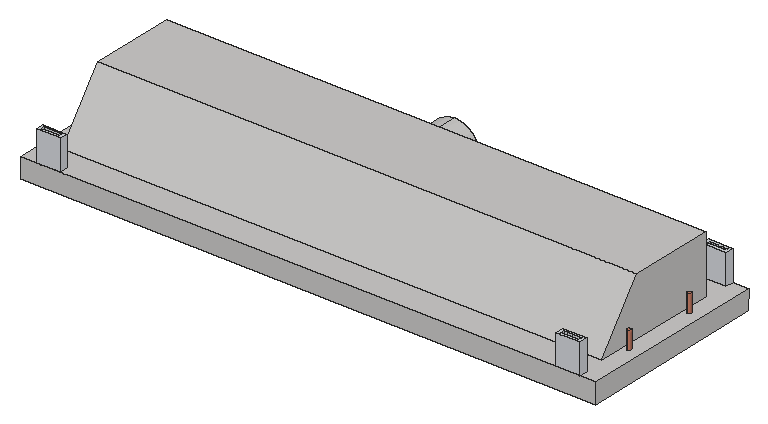
Revit family "HVAC-Chilled_Beam-Dadanco-ACB40", category Mechanical Equipment, Revit 2018
Family settings
  Round Connector Dimension = Use Diameter
  Part Type = Normal
  OmniClass Number = 23.75.70.17.31
  OmniClass Title = Induction Units
  Work Plane-Based = No
  Always vertical = Yes
  Cut with Voids When Loaded = No
  Shared = No
  Room Calculation Point = No
Parameters (values of type "6' Nominal Length")
  Zone Name [instance] = ""
  Zone ID [instance] = ""
  Unit Width = 1' - 11 3/4"  # constant formula
  Unit Weight = if(Nominal Unit Length = 2' 0", "29 lb", if(Nominal Unit Length = 4' 0", "58 lb", if(Nominal Unit Length = 6' 0", "88 lb", if(Nominal Unit Length = 8' 0", "117 lb", if(Nominal Unit Length = 10' 0", "147 lb", "0 lb")))))  # "88 lb"
  Unit Tag [instance] = ""
  Unit Height = 0' - 9 3/4"  # constant formula
  Total Cooling Capacity = 0.0 Btu/h
  Supply Air = 0 CFM
  Sound Level dBA = ""
  Sound Level NC = ""
  Secondary Air Sensible Heating = 0.0 Btu/h
  Secondary Air Sensible Cooling = 0.0 Btu/h
  SHHW Temperature = 0 °F
  SHHW Pressure Drop [instance] = HWPD  # 0 Pa
  SHHW Flow [instance] = HWF  # 0 GPM
  SCHW Temperature = 0 °F
  SCHW Pressure Drop [instance] = CWPD  # 0 Pa
  SCHW Flow [instance] = CWF  # 0 GPM
  Primary Air Static Pressure [instance] = PASP  # 0.00 in-wg
  Primary Air Inlet Top [instance] = not(Primary Air Inlet Back)  # no
  Primary Air Inlet Size = 0' - 6"
  Primary Air Inlet Back [instance] = yes
  Primary Air Flow Rate [instance] = PA  # 0 CFM
  PASP = 0.00 in-wg
  PA = 0 CFM
  Origin1 = Nominal Unit Length / 2  # 3' - 0"
  Nozzle Configuration = ""
  Nominal Unit Length = 6' - 0"
  Net Unit Heating Sensible = 0.0 Btu/h
  Net Unit Cooling Sensible = 0.0 Btu/h
  Unit Length = Nominal Unit Length - 0' 0 1/4"  # 5' - 11 3/4"
  URL = "http://www.dadanco.com/"
  Type Comments = "2-way Discharge Horizontal Coil"
  SHHW Temp Out = 0 °F
  SCHW Temp Out = 0 °F
  Product Page URL = ""
  Latent Cooling = 0.0 Btu/h
  Keynote = "23 37 00.A1"
  Heating Supply Air Temperature = 0 °F
  Heating Room Dry Bulb = 0 °F
  Heating Primary Air Dry Bulb = 0 °F
  HWPD = 0 Pa
  HWF = 0 GPM
  Front Back Air Inlet [instance] = or(Primary Air Inlet Top, Primary Air Inlet Back)  # yes
  Pipe Material = Metal-Dadanco-Copper-Satin
  Pipe Coil Outlet = "2 Pipe Coi, 0.5 inch SWT Stub Coil Connection"
  Pipe Coil Inlet = "2 Pipe Coi, 0.5 inch SWT Stub Coil Connection"
  Documentation Link = ""
  Cooling Supply Air Temperature = 0 °F
  Cooling Room Relative Humidity = 0
  Cooling Room Dry Bulb = 0 °F
  Cooling Primary Air Wet Bulb = 0 °F
  Cooling Primary Air Dry Bulb = 0 °F
  Coil Connection Right [instance] = yes
  Coil Connection Left [instance] = not(Coil Connection Right)  # no
  Revision Date = "06/24/2020"  # constant formula
  Coil Length = if(Nominal Unit Length = 2' 0", 2' 0", if(Nominal Unit Length = 4' 0", 3' 4", if(Nominal Unit Length = 6' 0", 5' 4", 0' 0")))  # 5' - 4"
  Model = "ACB40"  # constant formula
  Manufacturer = "Dadanco"  # constant formula
  Housing Material = Metal-Dadanco-Steel-Galvanized
  Description = "Active Chilled Beam"  # constant formula
  CWPD = 0 Pa
  CWF = 0 GPM
  4 Pipe Coil Configuration Right [instance] = and([4 Pipe Coil Configuration], Coil Connection Right)  # no
  4 Pipe Coil Configuration Left [instance] = and([4 Pipe Coil Configuration], Coil Connection Left)  # no
  4 Pipe Coil Configuration = if([2 or 4 pipe] = 4, 1 = 1, 1 = 0)  # no
  2 or 4 pipe = 2
  2 Pipe Coil Configuration = if([2 or 4 pipe] = 2, 1 = 1, 1 = 0)  # yes
  Assembly Code = "D3040100"
Types (6): name | Unit Weight | Primary Air Inlet Top | Primary Air Inlet Back | Origin1 | Nominal Unit Length | Unit Length | Product Page URL | Documentation Link | Coil Length
  (no name) | "88 lb" | no | yes | 3' - 0" | 6' - 0" | 5' - 11 3/4" | "" | "" | 5' - 4"
  4' Nominal Length | "58 lb" | yes | no | 2' - 0" | 4' - 0" | 3' - 11 3/4" | "http://www.activechilledbeam.com/efficient_air_conditioning.asp" | "http://www.dadanco.com/ACB/air_conditioning_literature.asp?productLineID=30" | 3' - 4"
  2' Nominal Length | "29 lb" | yes | no | 1' - 0" | 2' - 0" | 1' - 11 3/4" | "http://www.activechilledbeam.com/efficient_air_conditioning.asp" | "http://www.dadanco.com/ACB/air_conditioning_literature.asp?productLineID=30" | 2' - 0"
  6' Nominal Length | "88 lb" | no | yes | 3' - 0" | 6' - 0" | 5' - 11 3/4" | "" | "" | 5' - 4"
  8' Nominal Length | "117 lb" | no | yes | 4' - 0" | 8' - 0" | 7' - 11 3/4" | "http://www.activechilledbeam.com/efficient_air_conditioning.asp" | "http://www.dadanco.com/ACB/air_conditioning_literature.asp?productLineID=30" | 0' - 0"
  10' Nominal Length | "147 lb" | no | yes | 5' - 0" | 10' - 0" | 9' - 11 3/4" | "http://www.activechilledbeam.com/efficient_air_conditioning.asp" | "http://www.dadanco.com/ACB/air_conditioning_literature.asp?productLineID=30" | 0' - 0"
Reference planes (in)
  plane 1 "Center (Front/Back)": y = 0.99087
  plane 2 "Top Face of Plenum": z = 9.75
  plane 3 "Center (Left/Right)": x = 0.55581
  plane 4 "Right End": x = 36.43081
  plane 5 "Bottom Face": z = 0
  plane 6 "Left End": x = -35.31919
  plane 7 "brkt_LH": x = -33.35519
  plane 8 "Brkt_RH": x = 34.46681
  plane 9 "CHW_Back": y = 5.69087
  plane 10 "HW_Back_D": y = 2.57087
  plane 11 "HW_FRT_D": y = -1.18913
  plane 12 "CHW_FR": y = -3.69613
  plane 13 "Back_end": y = 12.86587
  plane 14 "Front End": y = -10.88413
  plane 15 "Endpl_H": z = 2.54
  plane 16 "Sidedct_H": z = 6.35
  plane 17 "topdct_ctr": y = 3.12087
  plane 18 "HW_frt_C": y = -0.58913
  plane 19 "HW_back_C": y = 3.17087
Forms (in)
  Extrusion 1, solid, material "Metal-Dadanco-Steel-Galvanized" <- "Housing Material"
    sketch origin (0.55581, 0, -0.011) x (0, 1, 0) y (0, 0, 1)
      loop
        line (-7.13413, 2.511) -> (-10.88413, 2.511) -> (-10.88413, 0) -> (12.86587, 0) -> (12.86587, 2.511) -> (9.11587, 2.511) -> (9.11587, 9.761) -> (-1.63413, 9.761) -> (-7.13413, 2.511)
    from -35.875 to 35.875
  Extrusion 2, solid, material "Metal-Dadanco-Steel-Galvanized", visible <- "Primary Air Inlet Back"
    sketch origin (0.55581, 9.11587, 2.64536) x (0, 0, 1) y (1, 0, 0)
      loop
        circle (3.719, 0) r 3
    from 0 to 2.83
  Extrusion 3, void
    sketch origin (36.43081, 0, -0.011) x (0, -1, 0) y (0, 0, 1)
      loop
        line (7.13413, 9.761) -> (-9.11587, 9.761) -> (-9.11587, 2.511) -> (7.13413, 2.511) -> (7.13413, 9.761)
    from 0 to 2.27344
  Extrusion 4, void
    sketch origin (-35.31919, 0, -0.011) x (0, 1, 0) y (0, 0, 1)
      loop
        line (9.11587, 9.761) -> (-7.05429, 9.761) -> (-7.05429, 2.511) -> (9.11587, 2.511) -> (9.11587, 9.761)
    from 0 to 2.27344
  Extrusion 5, solid, material "Metal-Dadanco-Copper-Satin" <- "Pipe Material", visible <- "Coil Connection Left", detail levels medium+fine
    sketch origin (0.20581, 13.29045, 2.511) x (0, -1, 0) y (1, 0, 0)
      loop
        circle (7.6084, -33.911) r 0.25
    from 0 to 2.14844
  Extrusion 6, solid, material "Metal-Dadanco-Copper-Satin" <- "Pipe Material", visible <- "4 Pipe Coil Configuration Left", detail levels medium+fine
    sketch origin (0.20581, 13.28985, 2.5) x (0, -1, 0) y (1, 0, 0)
      loop
        circle (10.7284, -33.911) r 0.25
    from 0 to 2.14844
  Extrusion 7, solid, material "Metal-Dadanco-Copper-Satin" <- "Pipe Material", visible <- "4 Pipe Coil Configuration Left", detail levels medium+fine
    sketch origin (0.20581, 13.30428, 2.5) x (0, -1, 0) y (1, 0, 0)
      loop
        circle (14.4884, -33.911) r 0.25
    from 0 to 2.14844
  Extrusion 8, solid, material "Metal-Dadanco-Copper-Satin" <- "Pipe Material", visible <- "Coil Connection Left", detail levels medium+fine
    sketch origin (0.20581, 13.28785, 2.5) x (0, -1, 0) y (1, 0, 0)
      loop
        circle (16.9954, -33.911) r 0.25
    from 0 to 2.14844
  Extrusion 9, solid, material "Metal-Dadanco-Copper-Satin" <- "Pipe Material", visible <- "Coil Connection Right", detail levels medium+fine
    sketch origin (0.93081, 13.1967, 2.5) x (0, -1, 0) y (1, 0, 0)
      loop
        circle (7.51567, 33.88652) r 0.25
    from 0 to 2.14844
  Extrusion 10, solid, material "Metal-Dadanco-Copper-Satin" <- "Pipe Material", visible <- "4 Pipe Coil Configuration Right", detail levels medium+fine
    sketch origin (0.90581, 13.90683, 2.5) x (0, -1, 0) y (1, 0, 0)
      loop
        circle (10.7284, 33.911) r 0.25
    from 0 to 2.14844
  Extrusion 11, solid, material "Metal-Dadanco-Copper-Satin" <- "Pipe Material", visible <- "4 Pipe Coil Configuration Right", detail levels medium+fine
    sketch origin (0.90581, 13.90784, 2.5) x (0, -1, 0) y (1, 0, 0)
      loop
        circle (14.4884, 33.911) r 0.25
    from 0 to 2.14844
  Extrusion 12, solid, material "Metal-Dadanco-Copper-Satin" <- "Pipe Material", visible <- "Coil Connection Right", detail levels medium+fine
    sketch origin (0.90581, 13.29285, 2.5) x (0, -1, 0) y (1, 0, 0)
      loop
        circle (16.9954, 33.911) r 0.25
    from 0 to 2.14844
  Extrusion 13, solid, material "Metal-Dadanco-Steel-Galvanized", visible <- "Primary Air Inlet Top"
    sketch origin (0.55581, 11.46852, 9.75) x (0, -1, 0) y (1, 0, 0)
      loop
        circle (8.3446, 0) r 3
    from 0 to 3.30078
  Extrusion 14, solid
    sketch origin (0.55581, -10.85413, 2.5) x (0, 1, 0) y (-1, 0, 0)
      loop
        line (0, 33.875) -> (0, 30.875) -> (1, 30.875) -> (1, 33.875) -> (0, 33.875)
    from 0 to 3.76953
  Extrusion 15, void
    sketch origin (0.63529, -10.85993, 6.26953) x (-1, 0, 0) y (0, 1, 0)
      loop
        line (33.57948, 0.7258) -> (31.32948, 0.7258) -> (31.32948, 0.2858) -> (33.57948, 0.2858) -> (33.57948, 0.7258)
    from 0 to 3.76953
  Extrusion 16, solid
    sketch origin (113.55581, 12.00994, 2.5) x (0, 1, 0) y (-1, 0, 0)
      loop
        line (-0.125, 82.125) -> (-0.125, 79.125) -> (0.875, 79.125) -> (0.875, 82.125) -> (-0.125, 82.125)
    from 0 to 3.76953
  Extrusion 17, void
    sketch origin (113.63529, 12.00414, 6.26953) x (-1, 0, 0) y (0, 1, 0)
      loop
        line (81.82948, 0.6008) -> (79.57948, 0.6008) -> (79.57948, 0.1608) -> (81.82948, 0.1608) -> (81.82948, 0.6008)
    from 0 to 3.76953
  Extrusion 18, solid
    sketch origin (113.55581, -10.85413, 2.5) x (0, 1, 0) y (-1, 0, 0)
      loop
        line (0, 82.125) -> (0, 79.125) -> (1, 79.125) -> (1, 82.125) -> (0, 82.125)
    from 0 to 3.76953
  Extrusion 19, void
    sketch origin (113.63529, -10.85993, 6.26953) x (-1, 0, 0) y (0, 1, 0)
      loop
        line (81.82948, 0.7258) -> (79.57948, 0.7258) -> (79.57948, 0.2858) -> (81.82948, 0.2858) -> (81.82948, 0.7258)
    from 0 to 3.76953
  Extrusion 20, solid
    sketch origin (0.55581, 11.99423, 2.5) x (0, 1, 0) y (-1, 0, 0)
      loop
        line (-0.125, 33.875) -> (-0.125, 30.875) -> (0.875, 30.875) -> (0.875, 33.875) -> (-0.125, 33.875)
    from 0 to 3.76953
  Extrusion 21, void
    sketch origin (0.63529, 12.01924, 6.26953) x (-1, 0, 0) y (0, 1, 0)
      loop
        line (33.57948, 0.6008) -> (31.32948, 0.6008) -> (31.32948, 0.1608) -> (33.57948, 0.1608) -> (33.57948, 0.6008)
    from 0 to 3.76953
Cuts and joins
  Extrusion 3, Extrusion 4, Extrusion 17, Extrusion 19, Extrusion 21 cuts Extrusion 1
  Extrusion 15, Extrusion 19, Extrusion 21 cuts Extrusion 14
  Extrusion 17 cuts Extrusion 16
  Extrusion 19 cuts Extrusion 18
  Extrusion 21 cuts Extrusion 20
Lines and regions (in)
  model lines, detail levels medium+fine
    curve 1: line (-35.31919, -5.13663, 0) -> (36.43081, -5.13663, 0)
    curve 2: line (-35.31919, 7.25637, 0) -> (36.43081, 7.25637, 0)
  symbolic lines, not visible, detail levels medium+fine
    curve 3: arc (0.43081, -5.48123, 7.73) -> (0.55581, -5.48123, 7.855) -> (0.68081, -5.48123, 7.73) r 0.125
    curve 4: arc (0.68081, -5.48123, 7.73) -> (0.55581, -5.48123, 7.605) -> (0.43081, -5.48123, 7.73) r 0.125
  symbolic lines, detail levels fine
    curve 5: line (-35.31919, 8.18979, 4.13) -> (36.43081, 8.18979, 4.13)
    curve 6: line (-35.31919, -6.07005, 4.13) -> (36.43081, -6.07005, 4.13)
  symbolic lines, detail levels medium+fine
    curve 7: line (-35.31919, 12.86587, 0) -> (-35.31919, -10.88413, 0)
    curve 8: line (-35.31919, -10.88413, 0) -> (36.43081, -10.88413, 0)
    curve 9: line (36.43081, -10.88413, 0) -> (36.43081, 12.86587, 0)
    curve 10: line (36.43081, 12.86587, 0) -> (-35.31919, 12.86587, 0)
Dimensions and locks (in)
  equal spacing: plane 6 "Left End", plane 3 "Center (Left/Right)", plane 4 "Right End"
  "Unit Length": plane 6 "Left End" to plane 4 "Right End"
  "Unit Height": plane 2 "Top Face of Plenum" to plane 5 "Bottom Face"
  Extrusion 2 to Extrusion 2 = 0' - 2.83"
  locked: plane 3 "Center (Left/Right)" to Extrusion 2 sketch curve at 0
  plane 1 "Center (Front/Back)" to plane 9 "CHW_Back" = 0' - 4.7"
  plane 1 "Center (Front/Back)" to plane 10 "HW_Back_D" = 0' - 1.58"
  plane 11 "HW_FRT_D" to plane 1 "Center (Front/Back)" = 0' - 2.18"
  locked: plane 12 "CHW_FR" to plane 1 "Center (Front/Back)" at 4.687
  locked: plane 6 "Left End" to plane 7 "brkt_LH" at 1.964
  locked: plane 8 "Brkt_RH" to plane 4 "Right End" at 1.964
  plane 1 "Center (Front/Back)" to Extrusion 13 sketch curve = 0' - 2.13306"
  locked: Extrusion 13 sketch curve to plane 3 "Center (Left/Right)" at 0
  plane 14 "Front End" to plane 13 "Back_end" = 1' - 11 3/4"
  plane 1 "Center (Front/Back)" to plane 11 "HW_FRT_D" to plane 12 "CHW_FR" = 0' - 2.18", 0' - 2.507"
  locked: plane 1 "Center (Front/Back)" to plane 10 "HW_Back_D" at 1.58
  locked: plane 9 "CHW_Back" to plane 1 "Center (Front/Back)" at 4.7
  plane 1 "Center (Front/Back)" to plane 12 "CHW_FR" = 0' - 4.687"
  equal spacing: plane 13 "Back_end", plane 1 "Center (Front/Back)", plane 14 "Front End"
  aligned and locked: plane 5 "Bottom Face" to level
  aligned and locked: Extrusion 1 to plane 6 "Left End"
  aligned and locked: Extrusion 1 to plane 4 "Right End"
  aligned and locked: Extrusion 4 sketch curve to cut or joined group of Extrusion 1, Extrusion 3, Extrusion 4, Extrusion 17, Extrusion 19, Extrusion 21
  aligned and locked: plane 13 "Back_end" to cut or joined group of Extrusion 1, Extrusion 3, Extrusion 4, Extrusion 17, Extrusion 19, Extrusion 21
  aligned and locked: plane 14 "Front End" to cut or joined group of Extrusion 1, Extrusion 3, Extrusion 4, Extrusion 17, Extrusion 19, Extrusion 21
Automatic sketch dimensions
  curve 4 to plane 3 "Center (Left/Right)" = 0' - 0"
  curve 4 to plane 2 "Top Face of Plenum" = 0' - 2.02"
  plane 3 "Center (Left/Right)" to curve 3 = 0' - 0 1/8"
  curve 5 to plane 4 "Right End" = 0' - 0"
  curve 5 to plane 6 "Left End" = 0' - 0"
  curve 6 to plane 4 "Right End" = 0' - 0"
  curve 6 to plane 6 "Left End" = 0' - 0"
  plane 9 "CHW_Back" to curve 5 = 0' - 2.49892"
  plane 12 "CHW_FR" to curve 6 = 0' - 2.37392"
  Extrusion 3 sketch curve to Extrusion 1 = 0' - 0"
  Extrusion 1 to Extrusion 3 sketch curve = 0' - 0"  (x3)
  Extrusion 1 to Extrusion 4 sketch curve = 0' - 0"  (x2)
  Extrusion 1 to Extrusion 4 sketch curve = 0' - 3.82985"
  Extrusion 5 sketch curve to plane 7 "brkt_LH" = 0' - 0.35"
  Extrusion 5 sketch curve to plane 9 "CHW_Back" = 0' - 0.00882"
  Extrusion 6 sketch curve to plane 7 "brkt_LH" = 0' - 0.35"
  plane 10 "HW_Back_D" to Extrusion 6 sketch curve = 0' - 0.00942"
  Extrusion 7 sketch curve to plane 7 "brkt_LH" = 0' - 0.35"
  Extrusion 7 sketch curve to plane 11 "HW_FRT_D" = 0' - 0.00501"
  Extrusion 8 sketch curve to plane 7 "brkt_LH" = 0' - 0.35"
  plane 12 "CHW_FR" to Extrusion 8 sketch curve = 0' - 0.01142"
  plane 8 "Brkt_RH" to Extrusion 9 sketch curve = 0' - 0.35052"
  Extrusion 9 sketch curve to plane 9 "CHW_Back" = 0' - 0.00984"
  plane 8 "Brkt_RH" to Extrusion 10 sketch curve = 0' - 0.35"
  Extrusion 10 sketch curve to plane 10 "HW_Back_D" = 0' - 0.60756"
  plane 8 "Brkt_RH" to Extrusion 11 sketch curve = 0' - 0.35"
  Extrusion 11 sketch curve to plane 11 "HW_FRT_D" = 0' - 0.60857"
  plane 8 "Brkt_RH" to Extrusion 12 sketch curve = 0' - 0.35"
  plane 12 "CHW_FR" to Extrusion 12 sketch curve = 0' - 0.00642"
  Extrusion 1 to Extrusion 14 sketch curve = 0' - 0.03"
  Extrusion 14 sketch curve to Extrusion 14 sketch curve = 0' - 1"
  Extrusion 1 to Extrusion 14 sketch curve = 0' - 5"
  Extrusion 1 to Extrusion 14 sketch curve = 0' - 2"
  Extrusion 15 sketch curve to Extrusion 14 = 0' - 0 3/8"  (x2)
  Extrusion 15 sketch curve to Extrusion 14 = 0' - 0.28"  (x2)
  Extrusion 1 to Extrusion 16 sketch curve = 0' - 2"
  Extrusion 16 sketch curve to Extrusion 1 = 1' - 7.01908"
  Extrusion 16 sketch curve to Extrusion 16 sketch curve = 0' - 1"
  Extrusion 16 sketch curve to Extrusion 16 sketch curve = 0' - 3"
  Extrusion 17 sketch curve to Extrusion 16 = 0' - 0 3/8"  (x2)
  Extrusion 17 sketch curve to Extrusion 16 = 0' - 0.28"  (x2)
  Extrusion 1 to Extrusion 18 sketch curve = 0' - 0.03"
  Extrusion 18 sketch curve to Extrusion 18 sketch curve = 0' - 1"
  Extrusion 1 to Extrusion 18 sketch curve = 0' - 2"
  Extrusion 18 sketch curve to Extrusion 18 sketch curve = 0' - 3"
  Extrusion 19 sketch curve to Extrusion 18 = 0' - 0 3/8"  (x2)
  Extrusion 19 sketch curve to Extrusion 18 = 0' - 0.28"  (x2)
  Extrusion 1 to Extrusion 20 sketch curve = 0' - 5"
  Extrusion 20 sketch curve to Extrusion 1 = 1' - 7.00336"
  Extrusion 20 sketch curve to Extrusion 20 sketch curve = 0' - 1"
  Extrusion 1 to Extrusion 20 sketch curve = 0' - 2"
  Extrusion 21 sketch curve to Extrusion 20 = 0' - 0 3/8"  (x2)
  Extrusion 21 sketch curve to Extrusion 20 = 0' - 0.2492"
  Extrusion 21 sketch curve to Extrusion 20 = 0' - 0.3108"
  Extrusion 1 sketch curve to plane 14 "Front End" = 0' - 0"
  Extrusion 1 sketch curve to plane 2 "Top Face of Plenum" = 0' - 0"
  Extrusion 1 sketch curve to plane 13 "Back_end" = 0' - 0"
  plane 11 "HW_FRT_D" to Extrusion 1 sketch curve = 0' - 0.445"
  plane 9 "CHW_Back" to Extrusion 1 sketch curve = 0' - 3.425"
  Extrusion 1 sketch curve to plane 15 "Endpl_H" = 0' - 0.04"  (x2)
  Extrusion 1 sketch curve to level = 0' - 0.011"
  plane 12 "CHW_FR" to Extrusion 1 sketch curve = 0' - 3.438"
  Extrusion 2 sketch curve to Extrusion 1 = 0' - 3.38564"
  curve 1 to plane 4 "Right End" = 0' - 0"
  curve 7 to plane 6 "Left End" = 0' - 0"
  curve 7 to plane 14 "Front End" = 0' - 0"
  plane 13 "Back_end" to curve 10 = 0' - 0"
  curve 1 to plane 12 "CHW_FR" = 0' - 1.4405"
  curve 2 to plane 9 "CHW_Back" = 0' - 1.5655"
  radius of Extrusion 2 sketch curve = 0' - 3"
  radius of Extrusion 5 sketch curve = 0' - 0 1/4"
  radius of Extrusion 6 sketch curve = 0' - 0 1/4"
  radius of Extrusion 7 sketch curve = 0' - 0 1/4"
  radius of Extrusion 8 sketch curve = 0' - 0 1/4"
  radius of Extrusion 9 sketch curve = 0' - 0 1/4"
  radius of Extrusion 10 sketch curve = 0' - 0 1/4"
  radius of Extrusion 11 sketch curve = 0' - 0 1/4"
  radius of Extrusion 12 sketch curve = 0' - 0 1/4"
  radius of Extrusion 13 sketch curve = 0' - 3"
Connectors (in)
  hvac at (0.55581, 11.94587, 6.36436), driven by "Primary Air Flow Rate", driven by "Primary Air Static Pressure", driven by "Primary Air Inlet Size"
    settings: on Extrusion 2, index 3, duct flow 0 CFM, flow factor 0, pres drop 0.00 in-wg, loss coef 0, conn angle 0.00°, conn width 7 215/256", conn height 2 41/64", conn diameter 6", duct sys type 1, conn prof type 0, flow config 1, flow direction 1, loss method 4, conn ref index -1, conn util no, is conn primary yes, conn desc "Primary Air Inlet Back (E)"
  piping at (34.81681, -3.70255, 4.64844), diameter 0.5, driven by "SCHW Flow"
    settings: on Extrusion 12, index 13, connector inside diameter 24", connector length 0' - 0", flow factor 0, pipe flow 0 GPM, pressure drop 0 Pa, fitting loss kfactor 0, connector angle 0.00°, fixture units 0, engagement length 0' - 0", angle of deflection 0.00°, flow configuration 1, flow direction 1, fitting loss method 0, system type 7, joint type 0, gender type 0, connector reference index -1, connector utility 0, adjustable connector no, is connector primary yes, connector description "SCHW Supply Right"
  piping at (34.81681, -0.58056, 4.64844), diameter 0.5, driven by "SHHW Flow"
    settings: on Extrusion 11, index 14, connector inside diameter 24", connector length 0' - 0", flow factor 0, pipe flow 0 GPM, pressure drop 0 Pa, fitting loss kfactor 0, connector angle 0.00°, fixture units 0, engagement length 0' - 0", angle of deflection 0.00°, flow configuration 1, flow direction 1, fitting loss method 0, system type 7, joint type 0, gender type 0, connector reference index -1, connector utility 0, adjustable connector no, is connector primary no, connector description "SHHW Supply Right"
  piping at (34.81681, 3.17843, 4.64844), diameter 0.5, driven by "SHHW Flow", driven by "SHHW Pressure Drop"
    settings: on Extrusion 10, index 15, connector inside diameter 24", connector length 0' - 0", flow factor 0, pipe flow 0 GPM, pressure drop 0 Pa, fitting loss kfactor 0, connector angle 0.00°, fixture units 0, engagement length 0' - 0", angle of deflection 0.00°, flow configuration 1, flow direction 2, fitting loss method 4, system type 8, joint type 0, gender type 0, connector reference index -1, connector utility 0, adjustable connector no, is connector primary no, connector description "SHHW Return Right"
  piping at (34.81733, 5.68102, 4.64844), diameter 0.5, driven by "SCHW Flow", driven by "SCHW Pressure Drop"
    settings: on Extrusion 9, index 16, connector inside diameter 24", connector length 0' - 0", flow factor 0, pipe flow 0 GPM, pressure drop 0 Pa, fitting loss kfactor 0, connector angle 0.00°, fixture units 0, engagement length 0' - 0", angle of deflection 0.00°, flow configuration 1, flow direction 2, fitting loss method 4, system type 8, joint type 0, gender type 0, connector reference index -1, connector utility 0, adjustable connector no, is connector primary no, connector description "SCHW Return Right"
  piping at (-33.70519, 5.68205, 4.65944), diameter 0.5, driven by "SCHW Flow", driven by "SCHW Pressure Drop"
    settings: on Extrusion 5, index 17, connector inside diameter 24", connector length 0' - 0", flow factor 0, pipe flow 0 GPM, pressure drop 0 Pa, fitting loss kfactor 0, connector angle 0.00°, fixture units 0, engagement length 0' - 0", angle of deflection 0.00°, flow configuration 1, flow direction 2, fitting loss method 4, system type 8, joint type 0, gender type 0, connector reference index -1, connector utility 0, adjustable connector no, is connector primary no, connector description "SCHW Return Left"
  piping at (-33.70519, 2.56145, 4.64844), diameter 0.5, driven by "SHHW Flow", driven by "SHHW Pressure Drop"
    settings: on Extrusion 6, index 18, connector inside diameter 24", connector length 0' - 0", flow factor 0, pipe flow 0 GPM, pressure drop 0 Pa, fitting loss kfactor 0, connector angle 0.00°, fixture units 0, engagement length 0' - 0", angle of deflection 0.00°, flow configuration 1, flow direction 2, fitting loss method 4, system type 8, joint type 0, gender type 0, connector reference index -1, connector utility 0, adjustable connector no, is connector primary no, connector description "SHHW Return Left"
  piping at (-33.70519, -1.18412, 4.64844), diameter 0.5, driven by "SHHW Flow"
    settings: on Extrusion 7, index 19, connector inside diameter 24", connector length 0' - 0", flow factor 0, pipe flow 0 GPM, pressure drop 0 Pa, fitting loss kfactor 0, connector angle 0.00°, fixture units 0, engagement length 0' - 0", angle of deflection 0.00°, flow configuration 1, flow direction 1, fitting loss method 0, system type 7, joint type 0, gender type 0, connector reference index -1, connector utility 0, adjustable connector no, is connector primary no, connector description "SHHW Supply Left"
  piping at (-33.70519, -3.70755, 4.64844), diameter 0.5, driven by "SCHW Flow"
    settings: on Extrusion 8, index 20, connector inside diameter 24", connector length 0' - 0", flow factor 0, pipe flow 0 GPM, pressure drop 0 Pa, fitting loss kfactor 0, connector angle 0.00°, fixture units 0, engagement length 0' - 0", angle of deflection 0.00°, flow configuration 1, flow direction 1, fitting loss method 0, system type 7, joint type 0, gender type 0, connector reference index -1, connector utility 0, adjustable connector no, is connector primary no, connector description "SCHW Supply Left"
  hvac at (0.55581, 3.12392, 13.05078), driven by "Primary Air Static Pressure", driven by "Primary Air Flow Rate", driven by "Primary Air Inlet Size"
    settings: on Extrusion 13, index 21, duct flow 0 CFM, flow factor 0, pres drop 0.00 in-wg, loss coef 0, conn angle 0.00°, conn width 12", conn height 12", conn diameter 6", duct sys type 1, conn prof type 0, flow config 1, flow direction 1, loss method 4, conn ref index -1, conn util no, is conn primary no, conn desc "Primary Air Inlet Top"
